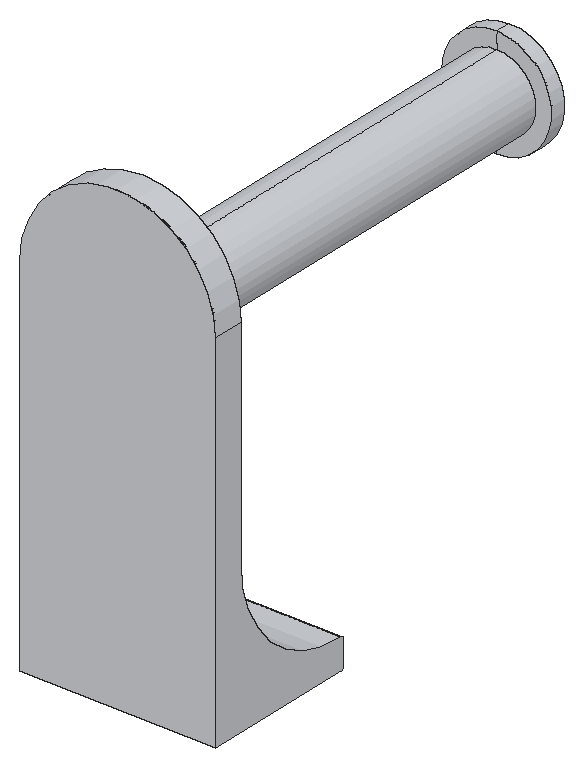
Revit family "Accessory-Tissue_Holder-KOHLER-Loure-K-11583T", category Specialty Equipment, host Face, Revit 2021
Family settings
  Host = Face
  Round Connector Dimension = Use Diameter
  Part Type = Normal
  OmniClass Number = 23.31.25.21
  OmniClass Title = Toilet Paper Dispensers
  Cut with Voids When Loaded = No
  Shared = No
  Room Calculation Point = No
Parameters (values of type "CP-Polished Chrome")
  Width = 4 3/4"  # constant formula
  WaterSense Certified = 1 = 0  # no
  URL = "http://www.kohler.com.cn/"
  Type = 4
  Product Page URL = "http://www.kohler.com.cn/product/K-11583T-CP/K-11583T-CP/"
  Product Name = "Loure"  # constant formula
  Product Documentation Link = "https://files.kohler.com.cn/pdfs/loure_acc_ins.pdf"
  Model = if(Type = 1, "K-11583T-2BL", if(Type = 2, "K-11583T-BL", if(Type = 3, "K-11583T-BV", if(Type = 4, "K-11583T-CP", "NA"))))  # "K-11583T-CP"
  Material = "Premium Metal Construction"  # constant formula
  Master Format 2014 Name = "Toilet, Bath, and Laundry Accessories"  # constant formula
  Master Format 2014 = "10 28 00"  # constant formula
  Manufacturer Address = "Kohler Beijing Office (100016) 36-2-03-B, No. 88, Liuxiang Road, Beijing"  # constant formula
  Manufacturer = "Kohler Co."  # constant formula
  Length = 2"  # constant formula
  Height = 5"  # constant formula
  Finish = Kohler-Metal-CP-Polished_Chrome
  Environmental Product Declaration = ""
  Description = "Toilet Paper Holder (Vertical)"  # constant formula
  Default Elevation = 42"
  Declare Label = ""
  Date Modified = "10/21/2022"  # constant formula
  Date Created = "06/08/2020"  # constant formula
  Copyright = "Copyright Kohler Co."  # constant formula
  Contact Us = "http://www.kohler.com.cn/contact/contact-us/"
  Assembly Code = "C1030200"
  ADA Compliant = 1 = 0  # no
Types (5): name | Type | Product Page URL | Model | Finish
  (no name) | 4 | "http://www.kohler.com.cn/product/K-11583T-CP/K-11583T-CP/" | "K-11583T-CP" | Kohler-Metal-CP-Polished_Chrome
  CP-Polished Chrome | 4 | "http://www.kohler.com.cn/product/K-11583T-CP/K-11583T-CP/" | "K-11583T-CP" | Kohler-Metal-CP-Polished_Chrome
  2BL-Black | 1 | "http://www.kohler.com.cn/product/K-11583T-CP/K-11583T-2BL/" | "K-11583T-2BL" | KOHLER-Metal-2BL-Black
  BL-Matte Black | 2 | "" | "K-11583T-BL" | Kohler-Metal-BL-Matte_Black
  BV-Brushed Bronze | 3 | "" | "K-11583T-BV" | Kohler-Metal-BV-Brushed_Bronze
Reference planes (in)
  plane 1 "Center (Front/Back)": y = 0
  plane 2: z = 0
  plane 3 "Center (Left/Right)": x = 0
  plane 4: x = 1
  plane 5: x = -1
  plane 6: y = 5
  plane 7: y = 1.625
  plane 8: z = 4.75
  plane 9: z = 3.91219
  plane 10: z = 3.12479
  plane 11: y = 0.31332
  plane 12: z = 4.08109
  plane 13: z = 2.95589
  plane 14: z = 0.31534
  plane 15: y = 4.83279
  plane 16: z = 3.51849
  plane 17: y = 0.8125
  plane 18: x = -0.3937
  plane 19: x = 0.3937
Dimensions and locks (in)
  plane 7 to plane 1 "Center (Front/Back)" = 1 5/8"
  "Height": plane 1 "Center (Front/Back)" to plane 6
  "Length": plane 5 to plane 4
  "Width": plane 8 to level
  plane 16 to level = 3.51849"
  aligned and locked: plane 2 to host face
  aligned and locked: level to host face
Automatic sketch dimensions
  host sketch curve to host sketch curve = 96"  (x2)
Nested families (in)
  nested 1: "K-11583T" at (0, 0, 0), type "K-11583T"
Definition of nested family "K-11583T"
  Parameters (values of type "K-11583T")
    Material = none
    Default Elevation = 0"
  Reference planes (in)
    plane 1 "Center (Front/Back)": y = 0
    plane 2: z = 0
    plane 3 "Center (Left/Right)": x = 0
    plane 4: x = -1
    plane 5: x = 1
    plane 6: z = 4.75
    plane 7: y = 5
    plane 8: y = 1.625
    plane 9: y = 0.31332
    plane 10: y = 0.8125
  Forms (in)
    Extrusion 1, solid, material <- "Material", detail levels medium+fine
      sketch origin (0, 0, 3.51849) x (0, -1, 0) y (0, 0, 1)
        loop
          line (0, -3.51849) -> (0, 1.31155) -> (-0.31332, 1.31155) -> (-0.31332, -1.95353)
          arc (-0.31332, -1.95353) -> (-0.69033, -2.84817) -> (-1.59394, -3.20316) r 1.25
          arc (-1.59394, -3.20316) -> (-1.61586, -3.21177) -> (-1.625, -3.23347) r 0.03032
          line (-1.625, -3.23347) -> (-1.625, -3.49011)
          arc (-1.625, -3.49011) -> (-1.61669, -3.51018) -> (-1.59662, -3.51849) r 0.02838
          line (-1.59662, -3.51849) -> (0, -3.51849)
      from -0.99947 to 0.99947
    Extrusion 2, void
      sketch origin (0, 0, 3.51849) x (-1, 0, 0) y (0, 0, 1)
        loop
          arc (-0.99947, 0.23204) -> (0, 1.23151) -> (0.99947, 0.23204) r 0.99947
          line (0.99947, 0.23204) -> (1.3403, 0.23204) -> (1.3403, 1.41041) -> (-1.24947, 1.41041) -> (-1.24947, 0.23204) -> (-0.99947, 0.23204)
      from 0 to 0.39093
    Revolve 3, solid, material <- "Material", detail levels medium+fine
      sketch origin (0, 0, 3.51849) x (0, -1, 0) y (0, 0, 1)
        loop
          line (-5, 0) -> (-0.3, 0) -> (-0.3, 0.3937) -> (-4.83279, 0.3937) -> (-4.83279, 0.5626) -> (-4.98866, 0.5626)
          arc (-4.98866, 0.5626) -> (-4.99716, 0.28136) -> (-5, 0) r 13.96083
        axis (-5, 0) -> (-0.3, 0)
      angle from 0 to 360
    Extrusion 4, solid, material <- "Material", detail levels coarse
      sketch origin (0, 5, 3.51849) x (0, 1, 0) y (0, 0, 1)
        loop
          line (-5, 1.23151) -> (-5, -3.51849) -> (-3.375, -3.51849) -> (-3.375, -3.20222) -> (-4.68668, -3.20222) -> (-4.68668, 1.23151) -> (-5, 1.23151)
      from -1 to 1
    Extrusion 5, solid, material <- "Material", detail levels coarse
      sketch origin (0, 5, 3.51849) x (1, 0, 0) y (0, 0, 1)
        loop
          circle (0, 0) r 0.5626
      from 0 to 5
  Cuts and joins
    Extrusion 2 cuts Extrusion 1
    joined: Extrusion 1, Revolve 3
    joined: Extrusion 4, Extrusion 5
  Lines and regions (in)
    Masking region 1
      outline origin (0, 0, 3.51849) x (1, 0, 0) y (0, 0, 1)
        loop
          line (-1, 0.23151) -> (-1, -3.51849) -> (1, -3.51849) -> (1, 0.23151)
          arc (1, 0.23151) -> (0.70711, 0.93862) -> (0, 1.23151) r 1
          arc (0, 1.23151) -> (-0.70711, 0.93862) -> (-1, 0.23151) r 1
    Masking region 2
      outline origin (0, 0, 1.23151) x (0, -1, 0) y (0, 0, -1)
        loop
          line (0, -3.51849) -> (0, 1.23151) -> (-1.59662, 1.23151)
          arc (-1.59662, 1.23151) -> (-1.61669, 1.2232) -> (-1.625, 1.20313) r 0.02838
          line (-1.625, 1.20313) -> (-1.625, 0.94648)
          arc (-1.625, 0.94648) -> (-1.61586, 0.92478) -> (-1.59394, 0.91617) r 0.03032
          arc (-1.59394, 0.91617) -> (-0.69033, 0.56119) -> (-0.31332, -0.33345) r 1.25
          line (-0.31332, -0.33345) -> (-0.31332, -1.89328) -> (-4.83279, -1.89328) -> (-4.83279, -1.72438) -> (-4.98801, -1.72438)
          arc (-4.98801, -1.72438) -> (-4.99881, -2.00558) -> (-5, -2.28698) r 8.23139
          arc (-5, -2.28698) -> (-4.99881, -2.56838) -> (-4.98801, -2.84958) r 8.23139
          line (-4.98801, -2.84958) -> (-4.83279, -2.84958) -> (-4.83279, -2.68068) -> (-0.31332, -2.68068) -> (-0.31332, -3.51849) -> (0, -3.51849)
    Masking region 3
      outline origin (0, 0, 0) x (-1, 0, 0) y (0, -1, 0)
        loop
          line (1, 0) -> (-1, 0) -> (-1, -1.625) -> (-0.3937, -1.625) -> (-0.3937, -4.83279) -> (-0.5626, -4.83279) -> (-0.5626, -4.98842)
          arc (-0.5626, -4.98842) -> (-0.28136, -4.99711) -> (0, -5) r 13.67742
          arc (0, -5) -> (0.28136, -4.99711) -> (0.5626, -4.98842) r 13.67742
          line (0.5626, -4.98842) -> (0.5626, -4.83279) -> (0.3937, -4.83279) -> (0.3937, -1.625) -> (1, -1.625) -> (1, 0)
    symbolic lines, detail levels medium+fine
      curve 1: arc (0, 0, 4.08109) -> (-0.5626, 0, 3.51849) -> (0, 0, 2.95589) r 0.5626
      curve 2: arc (0, 0, 2.95589) -> (0.5626, 0, 3.51849) -> (0, 0, 4.08109) r 0.5626
      curve 3: line (-0.99947, 0, 0.31534) -> (0.99947, 0, 0.31534)
      curve 4: line (0, 4.83279, 3.91219) -> (0, 4.83279, 3.12479)
      curve 5: line (0, 0.31332, 3.91219) -> (0, 0.31332, 3.12479)
      curve 6: line (0.99947, 0.31332, 0) -> (-0.99947, 0.31332, 0)
      curve 7: line (0.3937, 4.83279, 0) -> (-0.3937, 4.83279, 0)
      curve 8: line (0.3937, 1.625, 0) -> (0.3937, 0.31332, 0)
      curve 9: line (-0.3937, 1.625, 0) -> (-0.3937, 0.31332, 0)
  Dimensions and locks (in)
    aligned and locked: plane 2 to level
